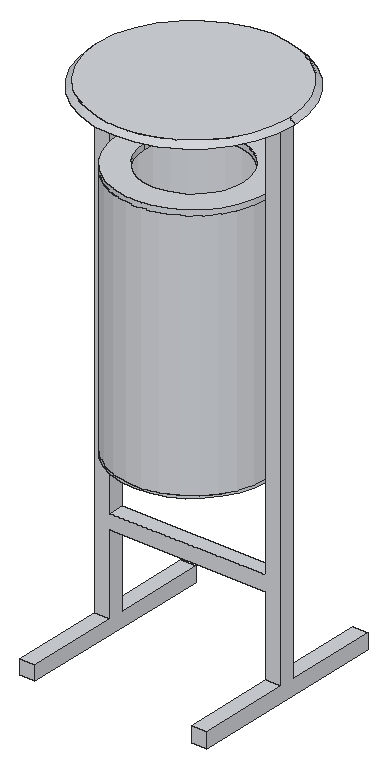
Revit family "Урна УТ300СЛ", category Антураж, Revit 2017
Family settings
  На основе рабочей плоскости = Нет
  Всегда вертикально = Да
  При загрузке вырезать с полостями = Нет
  Источник визуального образа = Геометрия семейства
  Общий = Нет
  Точка расчета площади = Нет
Parameters (values of type "УТ300СЛ")
  Стоимость = 3300
  Изготовитель = "ООО «Хоббика»"
  Высота = 0 mm
  URL = "https://hobbyka.ru/product/urna_ut300sl/"
  ADSK_Размер_Ширина = 405 mm
  ADSK_Размер_Глубина = 510 mm
  ADSK_Размер_Высота = 1050 mm
  ADSK_Объем = 36.00 m³
  ADSK_Наименование = "Урна УТ300СЛ"
  ADSK_Материал держателя = none
  ADSK_Материал ведра = none
  ADSK_Масса = 10.60 kg
  ADSK_Код изделия = "9365\r\n9365\r\n9365"
Reference planes
  plane 1 "По центру (Вперед/Назад)": y = 0
  plane 2: z = 0
  plane 3 "По центру (Влево/Вправо)": x = 0
  plane 4: z = 1050
Forms (mm)
  Extrusion 1, solid
    sketch origin (0, 0, 0) x (1, 0, 0) y (0, 1, 0)
      loop
        circle (0, 0) r 150
      loop
        circle (0, 0) r 140
    from 380 to 890
  Extrusion 2, solid, material <- "ADSK_Материал держателя"
    sketch origin (0, 0, 0) x (1, 0, 0) y (0, 0, 1)
      loop
        line (-157.5, 30) -> (-187.5, 30) -> (-187.5, 0) -> (-157.5, 0) -> (-157.5, 30)
      loop
        line (187.5, 30) -> (157.5, 30) -> (157.5, 0) -> (187.5, 0) -> (187.5, 30)
    from 202.5 to -202.5
  Extrusion 3, solid, material <- "ADSK_Материал держателя"
    sketch origin (0, 0, 0) x (1, 0, 0) y (0, 0, 1)
      loop
        line (187.5, 30) -> (187.5, 1040) -> (157.5, 1040) -> (157.5, 220) -> (-157.5, 220) -> (-157.5, 1040) -> (-187.5, 1040) -> (-187.5, 30) -> (-157.5, 30) -> (-157.5, 190) -> (157.5, 190) -> (157.5, 30) -> (187.5, 30)
    from -15 to 15
  Blend 4, solid, material <- "ADSK_Материал держателя"
    base sketch origin (0, 0, 0) x (1, 0, 0) y (0, 1, 0)
      loop
        circle (0, 0) r 202.5
    top sketch origin (0, 0, 0) x (1, 0, 0) y (0, 1, 0)
      loop
        circle (0, 0) r 192.499
    from 1040 to 1050
  Extrusion 5, solid, material <- "ADSK_Материал ведра"
    sketch origin (0, 0, 0) x (1, 0, 0) y (0, 1, 0)
      loop
        circle (0, 0) r 150
      loop
        circle (0, 0) r 100
    from 890 to 900
  Extrusion 6, solid, material <- "ADSK_Материал держателя"
    sketch origin (0, 0, 0) x (0, 1, 0) y (0, 0, 1)
      loop
        circle (0, 788.927) r 5
    from 149.975 to 157.5
  Extrusion 7, solid, material <- "ADSK_Материал держателя"
    sketch origin (-307.475, 0, 0) x (0, 1, 0) y (0, 0, 1)
      loop
        circle (0, 788.927) r 5
    from 149.975 to 157.5
  Extrusion 8, solid
    sketch origin (0, 0, 0) x (1, 0, 0) y (0, 1, 0)
      loop
        circle (0, 0) r 150
    from 380 to 385
Cuts and joins
  joined: Extrusion 2, Extrusion 3
  joined: Extrusion 1, Extrusion 8
Dimensions and locks
  Extrusion 2 to Extrusion 2 = 405 mm
  "ADSK_Размер_Высота": plane 4 to level
  locked: Blend 4 to Blend 4 at 10
  aligned and locked: level to plane 2
  aligned and locked: Extrusion 3 to Blend 4
  aligned and locked: Extrusion 6 to cut or joined group of Extrusion 2, Extrusion 3
  aligned and locked: plane 4 to Blend 4
  aligned and locked: cut or joined group of Extrusion 2, Extrusion 3 to Blend 4
Automatic sketch dimensions
  Extrusion 1 sketch curve to Extrusion 1 sketch curve = 0 mm  (x2)
  plane 1 "По центру (Вперед/Назад)" to Extrusion 1 sketch curve = 0 mm
  Extrusion 1 sketch curve to plane 3 "По центру (Влево/Вправо)" = 0 mm
  Extrusion 2 sketch curve to level = 0 mm  (x2)
  level to Extrusion 2 sketch curve = 30 mm  (x2)
  Extrusion 2 sketch curve to plane 3 "По центру (Влево/Вправо)" = 187.5 mm
  Extrusion 2 sketch curve to Extrusion 2 sketch curve = 30 mm  (x2)
  plane 3 "По центру (Влево/Вправо)" to Extrusion 2 sketch curve = 157.5 mm
  level to Extrusion 3 sketch curve = 30 mm  (x2)
  Extrusion 3 sketch curve to plane 3 "По центру (Влево/Вправо)" = 187.5 mm
  Extrusion 3 sketch curve to plane 4 = 10 mm  (x2)
  Extrusion 3 sketch curve to Extrusion 3 sketch curve = 30 mm  (x4)
  plane 3 "По центру (Влево/Вправо)" to Extrusion 3 sketch curve = 157.5 mm
  Extrusion 3 sketch curve to Extrusion 3 sketch curve = 0 mm
  Extrusion 3 sketch curve to Extrusion 3 sketch curve = 160 mm
  plane 1 "По центру (Вперед/Назад)" to Blend 4 sketch curve = 0 mm  (x2)
  Blend 4 sketch curve to plane 3 "По центру (Влево/Вправо)" = 0 mm  (x2)
  Extrusion 5 sketch curve to Extrusion 5 sketch curve = 0 mm  (x2)
  plane 1 "По центру (Вперед/Назад)" to Extrusion 5 sketch curve = 0 mm
  Extrusion 5 sketch curve to plane 3 "По центру (Влево/Вправо)" = 0 mm
  Extrusion 6 sketch curve to plane 1 "По центру (Вперед/Назад)" = 0 mm
  Extrusion 6 sketch curve to plane 4 = 261.073 mm
  Extrusion 7 sketch curve to plane 1 "По центру (Вперед/Назад)" = 0 mm
  Extrusion 7 sketch curve to plane 4 = 261.073 mm
  Extrusion 8 sketch curve to Extrusion 8 sketch curve = 0 mm  (x2)
  plane 1 "По центру (Вперед/Назад)" to Extrusion 8 sketch curve = 0 mm
  Extrusion 8 sketch curve to plane 3 "По центру (Влево/Вправо)" = 0 mm
  Extrusion 8 sketch curve to plane 3 "По центру (Влево/Вправо)" = 150 mm
  radius of Extrusion 1 sketch curve = 150 mm
  radius of Extrusion 1 sketch curve = 140 mm
  radius of Blend 4 sketch curve = 202.5 mm
  radius of Blend 4 sketch curve = 192.499 mm
  radius of Extrusion 5 sketch curve = 150 mm
  radius of Extrusion 5 sketch curve = 100 mm
  radius of Extrusion 6 sketch curve = 5 mm
  radius of Extrusion 7 sketch curve = 5 mm
